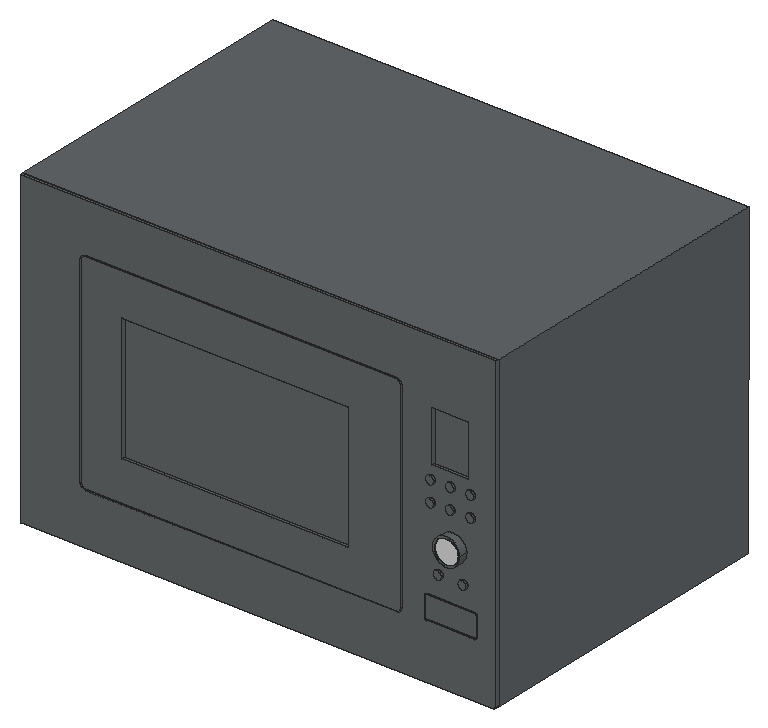
Revit family "51_D90-XGB- 25L", category Equipos especializados, Revit 2021
Family settings
  Cota de conector redondo = Diámetro de uso
  Tipo de pieza = Normal
  Se basa en plano de trabajo = No
  Siempre vertical = Sí
  Corte con vacíos al cargar = No
  Compartido = No
  Punto de cálculo de habitación = No
Parameters (values of type "D90-XGB- 25L")
  _Plastico negro = _Plastico Negro
  Volumen interior = "25 Litros"
  Voltage/ Frecuencia = "220V/ 50Hz"
  URL = "www.vatti.cl"
  Termostato con luz indicadora = "si"
  Temporizador = "si"
  Tamaño del producto = "390 x 595 x 391"
  Sistema de seguridad doble cierre = "si"
  Selector de potencia = "si"
  Puerta Vidiro = Panel Vidrio
  Programador de paro = "si"
  Potencia Salida Microondas = "900W"
  Potencia Microondas = "1400W"
  Potencia Grill = "1000W"
  Plato Incorporado = "si"
  Peso = "18"
  Paneles = "Vidrio -Acero Inox"
  Modo de control = "Control Digital"
  Modelo = "D90-XGB- 25L"
  Marco de Encastre = "si"
  Luz interior = "si"
  Interior = "Easy Clean"
  Facilidad de uso = "Microondas- Grill- Convección"
  Fabricante = "Vatti"
  Instalación = "Empotrado"
  Fondo = 39.1 cm
  Elevación por defecto = 0 cm
  Display Electrónico con paro = "si"
  Display = "Digital"
  Description = ""
  Descongelamiento = "si"
  Creado por = "Unibim"
  Contacto teléfono = "+562 2 2478105"
  Contacto e-mail = "cvender@vatti.cl"
  Aprobaciones = "CE/GS/CB/SAA"
  Ancho = 59.5 cm
  Alto = 39 cm
Reference planes (cm)
  plane 1 "Center (Front/Back)": y = 0
  plane 2: z = 0
  plane 3 "Center (Left/Right)": x = 0
  plane 4: y = 19.55
  plane 5: x = -29.75
  plane 6: x = 29.75
  plane 7: y = -19.55
  plane 8: z = 39
Forms (cm)
  Extrusion 1, solid, material "_Plastico Negro" <- "_Plastico negro"
    sketch origin (-91.772, -27.25, 400) x (-1, 0, 0) y (0, 0, 1)
      loop
        line (-109.6593, -367.75) -> (-109.6593, -392.8751)
        arc (-109.6593, -392.8751) -> (-109.4809, -393.1724) -> (-109.1585, -393.3) r 0.5403
        line (-109.1585, -393.3) -> (-70.2228, -393.3)
        arc (-70.2228, -393.3) -> (-69.9004, -393.1724) -> (-69.722, -392.8751) r 0.5403
        line (-69.722, -392.8751) -> (-69.722, -367.75)
        arc (-69.722, -367.75) -> (-69.9004, -367.4527) -> (-70.2228, -367.325) r 0.5403
        line (-70.2228, -367.325) -> (-109.1585, -367.325)
        arc (-109.1585, -367.325) -> (-109.4809, -367.4527) -> (-109.6593, -367.75) r 0.5403
      loop
        line (-103.1901, -372.5299) -> (-103.1901, -388.3631) -> (-74.6901, -388.3631) -> (-74.6901, -372.5299) -> (-103.1901, -372.5299)
    from 7.2316 to 7.7
  Extrusion 2, solid, material "_Plastico Negro" <- "_Plastico negro"
    sketch origin (-91.772, -20.0184, 400) x (-1, 0, 0) y (0, 0, 1)
      loop
        line (-121.522, -361) -> (-121.522, -399.85)
        arc (-121.522, -399.85) -> (-121.478, -399.9561) -> (-121.372, -400) r 0.15
        line (-121.372, -400) -> (-62.172, -400)
        arc (-62.172, -400) -> (-62.0659, -399.9561) -> (-62.022, -399.85) r 0.15
        line (-62.022, -399.85) -> (-62.022, -361) -> (-121.522, -361)
      loop
        line (-70.2181, -367.125) -> (-109.1632, -367.125)
        arc (-109.1632, -367.125) -> (-109.617, -367.3059) -> (-109.8593, -367.7302) r 0.7403
        line (-109.8593, -367.7302) -> (-109.8593, -392.8948)
        arc (-109.8593, -392.8948) -> (-109.617, -393.3191) -> (-109.1632, -393.5) r 0.7403
        line (-109.1632, -393.5) -> (-70.2181, -393.5)
        arc (-70.2181, -393.5) -> (-69.7643, -393.3191) -> (-69.522, -392.8948) r 0.7403
        line (-69.522, -392.8948) -> (-69.522, -367.7302)
        arc (-69.522, -367.7302) -> (-69.7643, -367.3059) -> (-70.2181, -367.125) r 0.7403
      loop
        arc (-118.9698, -390.2202) -> (-119.0915, -390.2707) -> (-119.1419, -390.3924) r 0.1722
        line (-119.1419, -390.3924) -> (-119.1419, -392.7435)
        arc (-119.1419, -392.7435) -> (-119.0915, -392.8652) -> (-118.9698, -392.9156) r 0.1722
        line (-118.9698, -392.9156) -> (-112.9914, -392.9156)
        arc (-112.9914, -392.9156) -> (-112.8697, -392.8652) -> (-112.8193, -392.7435) r 0.1722
        line (-112.8193, -392.7435) -> (-112.8193, -390.3924)
        arc (-112.8193, -390.3924) -> (-112.8697, -390.2707) -> (-112.9914, -390.2202) r 0.1722
        line (-112.9914, -390.2202) -> (-118.9698, -390.2202)
      loop
        arc (-118.9698, -390.0202) -> (-119.2329, -390.1292) -> (-119.3419, -390.3924) r 0.3722
        line (-119.3419, -390.3924) -> (-119.3419, -392.7435)
        arc (-119.3419, -392.7435) -> (-119.2329, -393.0066) -> (-118.9698, -393.1156) r 0.3722
        line (-118.9698, -393.1156) -> (-112.9914, -393.1156)
        arc (-112.9914, -393.1156) -> (-112.7283, -393.0066) -> (-112.6193, -392.7435) r 0.3722
        line (-112.6193, -392.7435) -> (-112.6193, -390.3924)
        arc (-112.6193, -390.3924) -> (-112.7283, -390.1292) -> (-112.9914, -390.0202) r 0.3722
        line (-112.9914, -390.0202) -> (-118.9698, -390.0202)
      loop
        line (-113.4983, -368.9413) -> (-118.2082, -368.9413) -> (-118.2082, -375.4413) -> (-113.4983, -375.4413) -> (-113.4983, -368.9413)
      loop
        circle (-118.487, -377.0431) r 0.5
      loop
        circle (-118.487, -379.6218) r 0.5
      loop
        circle (-115.9273, -379.6218) r 0.5
      loop
        circle (-115.9652, -377.0431) r 0.5
      loop
        circle (-113.4624, -377.0431) r 0.5
      loop
        circle (-113.4434, -379.6408) r 0.5
      loop
        circle (-117.5206, -387.4359) r 0.5
      loop
        circle (-114.43, -387.398) r 0.5
      loop
        circle (-117.5206, -387.4359) r 0.55
      loop
        circle (-114.43, -387.398) r 0.55
      loop
        circle (-118.487, -379.6218) r 0.55
      loop
        circle (-118.487, -377.0431) r 0.55
      loop
        circle (-115.9652, -377.0431) r 0.55
      loop
        circle (-115.9273, -379.6218) r 0.55
      loop
        circle (-113.4434, -379.6408) r 0.55
      loop
        circle (-113.4624, -377.0431) r 0.55
    from 0 to 0.4684
  Extrusion 3, solid, material "_Plastico Negro" <- "_Plastico negro"
    sketch origin (-28.7, -153.4, 86.4408) x (0, 0, 1) y (0, -1, 0)
      loop
        line (-47.4408, -172.95) -> (-47.4408, -133.85) -> (-86.4408, -133.85) -> (-86.4408, -172.95) -> (-47.4408, -172.95)
    from -1.05 to 58.45
  Extrusion 4, solid, material "Panel Negro"
    sketch origin (158.8, 9.35, 134.908) x (0, 0, -1) y (1, 0, 0)
      loop
        line (127.8237, -137.7527) -> (127.8237, -131.43) -> (125.1283, -131.43) -> (125.1283, -137.7527) -> (127.8237, -137.7527)
    from -10.2 to -11.6
  Extrusion 5, solid, material "_Plastico Negro" <- "_Plastico negro"
    sketch origin (-86.522, -27.75, 389.1929) x (1, 0, 0) y (0, 0, 1)
      loop
        circle (110.9428, -373.0051) r 1.5
      loop
        circle (110.9428, -373.0051) r 1.7
    from -7.7316 to -6.7316
  Extrusion 6, solid, material "_Plastico Negro" <- "_Plastico negro"
    sketch origin (-86.522, -27.75, 389.1929) x (1, 0, 0) y (0, 0, 1)
      loop
        circle (110.9428, -373.0051) r 1.5
    from -7.7316 to -6.7316
  Extrusion 7, solid, material "Panel Vidrio"
    sketch origin (-91.772, -27.25, 400) x (-1, 0, 0) y (0, 0, 1)
      loop
        line (-74.6901, -372.5299) -> (-103.1901, -372.5299) -> (-103.1901, -388.3631) -> (-74.6901, -388.3631) -> (-74.6901, -372.5299)
      loop
        line (-113.4983, -368.9413) -> (-118.2082, -368.9413) -> (-118.2082, -375.4413) -> (-113.4983, -375.4413) -> (-113.4983, -368.9413)
    from 7.2316 to 7.7
  Extrusion 8, solid, material "_Plastico Negro" <- "_Plastico negro"
    sketch origin (-86.522, -27.75, 389.1929) x (1, 0, 0) y (0, 0, 1)
      loop
        circle (113.237, -368.8147) r 0.5
      loop
        circle (110.6773, -368.8147) r 0.5
      loop
        circle (108.1934, -368.8337) r 0.5
      loop
        circle (108.2124, -366.2361) r 0.5
      loop
        circle (110.7152, -366.2361) r 0.5
      loop
        circle (113.237, -366.2361) r 0.5
      loop
        circle (112.2706, -376.6288) r 0.5
      loop
        circle (109.18, -376.5909) r 0.5
    from -7.7316 to -7.5328
Dimensions and locks (cm)
  equal spacing: plane 5, plane 3 "Center (Left/Right)", plane 6
  equal spacing: plane 4, plane 1 "Center (Front/Back)", plane 7
  "Fondo": plane 4 to plane 7
  "Ancho": plane 5 to plane 6
  "Alto": plane 8 to level
  aligned and locked: level to plane 2
  aligned and locked: Extrusion 3 to plane 5
  aligned and locked: Extrusion 3 to plane 7
  aligned and locked: plane 6 to Extrusion 3
  aligned and locked: plane 4 to Extrusion 3
  aligned and locked: plane 8 to Extrusion 3
  aligned and locked: Extrusion 3 to level
  aligned and locked: Extrusion 2 to Extrusion 3
  aligned and locked: Extrusion 5 to Extrusion 6
  aligned and locked: Extrusion 4 to Extrusion 3
  aligned and locked: Extrusion 7 sketch curve to Extrusion 1  (x4)
  aligned and locked: Extrusion 1 to Extrusion 3
  aligned and locked: Extrusion 2 to Extrusion 1
  aligned and locked: Extrusion 7 to Extrusion 3
  aligned and locked: Extrusion 1 to Extrusion 7
Automatic sketch dimensions
  Extrusion 3 sketch curve to level = 0 cm
  Extrusion 3 sketch curve to plane 7 = 0 cm
  Extrusion 3 sketch curve to plane 8 = 0 cm
  Extrusion 3 sketch curve to plane 4 = 0 cm
  Extrusion 4 sketch curve to plane 8 = 29.2202 cm
  Extrusion 4 sketch curve to Extrusion 4 sketch curve = 2.6954 cm
  Extrusion 4 sketch curve to plane 6 = 8.7027 cm
  Extrusion 4 sketch curve to Extrusion 4 sketch curve = 6.3226 cm
  Extrusion 5 sketch curve to plane 6 = 5.3292 cm
  level to Extrusion 5 sketch curve = 16.1879 cm
  Extrusion 5 sketch curve to Extrusion 5 sketch curve = 1.5 cm
  Extrusion 5 sketch curve to Extrusion 5 sketch curve = 0.2 cm
  Extrusion 5 sketch curve to Extrusion 5 sketch curve = 0 cm  (x2)
  Extrusion 1 sketch curve to plane 8 = 6.75 cm  (x2)
  Extrusion 1 sketch curve to plane 6 = 11.8626 cm
  Extrusion 1 sketch curve to Extrusion 1 sketch curve = 0.5008 cm  (x2)
  Extrusion 1 sketch curve to Extrusion 1 sketch curve = 0.0272 cm  (x4)
  plane 5 to Extrusion 1 sketch curve = 12.6682 cm
  Extrusion 1 sketch curve to Extrusion 1 sketch curve = 4.4402 cm  (x2)
  Extrusion 1 sketch curve to Extrusion 1 sketch curve = 0.528 cm
  Extrusion 1 sketch curve to Extrusion 1 sketch curve = 0.1147 cm  (x2)
  Extrusion 1 sketch curve to Extrusion 1 sketch curve = 4.6653 cm
  level to Extrusion 1 sketch curve = 11.6369 cm
  Extrusion 1 sketch curve to Extrusion 1 sketch curve = 4.3973 cm
  level to Extrusion 1 sketch curve = 7.2396 cm
  Extrusion 1 sketch curve to Extrusion 1 sketch curve = 5.9413 cm
  Extrusion 2 sketch curve to Extrusion 2 sketch curve = 0 cm  (x27)
  Extrusion 2 sketch curve to plane 6 = 0 cm
  Extrusion 2 sketch curve to level = 0 cm
  Extrusion 2 sketch curve to plane 5 = 0 cm
  Extrusion 2 sketch curve to plane 8 = 0 cm
  Extrusion 2 sketch curve to plane 6 = 0.15 cm
  Extrusion 2 sketch curve to plane 6 = 2.18 cm
  Extrusion 2 sketch curve to Extrusion 2 sketch curve = 0.2 cm
  Extrusion 2 sketch curve to Extrusion 2 sketch curve = 0.1722 cm  (x3)
  Extrusion 2 sketch curve to plane 6 = 3.3138 cm
  Extrusion 2 sketch curve to Extrusion 2 sketch curve = 4.7099 cm
  Extrusion 2 sketch curve to Extrusion 2 sketch curve = 5.9783 cm
  Extrusion 2 sketch curve to Extrusion 2 sketch curve = 2.7599 cm
  Extrusion 2 sketch curve to Extrusion 2 sketch curve = 0.6962 cm  (x2)
  Extrusion 2 sketch curve to Extrusion 2 sketch curve = 0.728 cm  (x2)
  Extrusion 2 sketch curve to Extrusion 2 sketch curve = 0.0318 cm  (x3)
  plane 5 to Extrusion 2 sketch curve = 8.228 cm  (x2)
  plane 5 to Extrusion 2 sketch curve = 0.15 cm
  level to Extrusion 2 sketch curve = 6.5 cm
  level to Extrusion 2 sketch curve = 6.8844 cm
  Extrusion 2 sketch curve to Extrusion 2 sketch curve = 0.6052 cm  (x2)
  Extrusion 2 sketch curve to Extrusion 2 sketch curve = 2.3511 cm
  Extrusion 2 sketch curve to plane 8 = 14.4413 cm
  Extrusion 2 sketch curve to Extrusion 2 sketch curve = 6.5 cm
  Extrusion 2 sketch curve to Extrusion 2 sketch curve = 1.0766 cm
  Extrusion 2 sketch curve to Extrusion 2 sketch curve = 6.8646 cm
  Extrusion 2 sketch curve to Extrusion 2 sketch curve = 0.1344 cm
  Extrusion 7 sketch curve to plane 6 = 8.0236 cm
  Extrusion 7 sketch curve to plane 6 = 3.3138 cm
  Extrusion 7 sketch curve to Extrusion 7 sketch curve = 2.9113 cm
  Extrusion 7 sketch curve to Extrusion 7 sketch curve = 6.5 cm
  Extrusion 8 sketch curve to plane 6 = 8.0785 cm
  Extrusion 8 sketch curve to Extrusion 8 sketch curve = 0.019 cm  (x2)
  Extrusion 8 sketch curve to plane 6 = 7.0919 cm
  Extrusion 8 sketch curve to Extrusion 8 sketch curve = 2.4839 cm
  Extrusion 8 sketch curve to Extrusion 8 sketch curve = 2.5028 cm
  Extrusion 8 sketch curve to Extrusion 8 sketch curve = 3.0906 cm
  Extrusion 8 sketch curve to Extrusion 8 sketch curve = 2.5218 cm
  Extrusion 8 sketch curve to Extrusion 8 sketch curve = 2.5597 cm
  level to Extrusion 8 sketch curve = 12.5641 cm
  Extrusion 8 sketch curve to Extrusion 8 sketch curve = 0.0379 cm
  Extrusion 8 sketch curve to Extrusion 8 sketch curve = 2.5787 cm
  Extrusion 8 sketch curve to Extrusion 8 sketch curve = 2.5976 cm
  Extrusion 8 sketch curve to Extrusion 8 sketch curve = 0 cm  (x2)
  Extrusion 8 sketch curve to Extrusion 8 sketch curve = 7.7572 cm
  Extrusion 6 sketch curve to plane 6 = 5.3292 cm
  level to Extrusion 6 sketch curve = 16.1879 cm
  Extrusion 2 sketch curve to Extrusion 2 sketch curve = 0.2788 cm
  Extrusion 2 sketch curve to Extrusion 2 sketch curve = 1.6019 cm  (x2)
  Extrusion 2 sketch curve to Extrusion 2 sketch curve = 0.5 cm  (x8)
  Extrusion 2 sketch curve to Extrusion 2 sketch curve = 2.5787 cm
  Extrusion 2 sketch curve to Extrusion 2 sketch curve = 2.0597 cm
  Extrusion 2 sketch curve to Extrusion 2 sketch curve = 2.0218 cm
  Extrusion 2 sketch curve to Extrusion 2 sketch curve = 0.0359 cm
  Extrusion 2 sketch curve to Extrusion 2 sketch curve = 1.9839 cm
  Extrusion 2 sketch curve to Extrusion 2 sketch curve = 0.019 cm
  Extrusion 2 sketch curve to Extrusion 2 sketch curve = 1.4491 cm
  Extrusion 2 sketch curve to Extrusion 2 sketch curve = 2.5844 cm
  Extrusion 2 sketch curve to Extrusion 2 sketch curve = 2.5906 cm
  Extrusion 2 sketch curve to Extrusion 2 sketch curve = 0.0379 cm
  Extrusion 2 sketch curve to Extrusion 2 sketch curve = 0.05 cm  (x8)
  radius of Extrusion 6 sketch curve = 1.5 cm
  radius of Extrusion 8 sketch curve = 0.5 cm  (x8)
Connectors (cm)
  electrical at (24.2086, 20.95, 8.4321)
    settings: on Extrusion 4, index 1, voltage 220 V, apparent load 0 VA, apparent load phase1 0 VA, apparent load phase2 0 VA, apparent load phase3 0 VA, power factor 1, load classification "Other", number of poles 1, system type 31, power factor state 1, is connector primary yes, connector utility no, sub classification motor no, connector description ""
